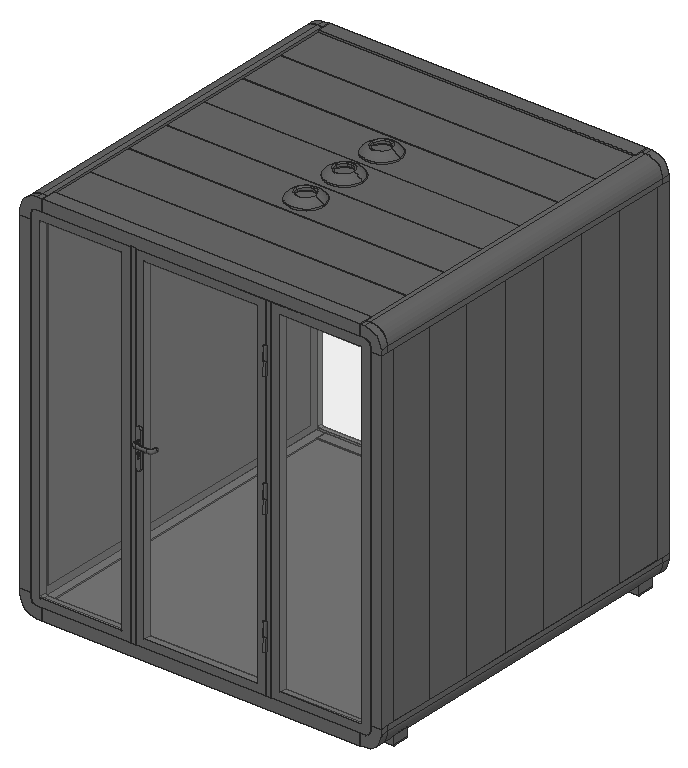
Revit family "Inbox Booths_X-Large Booth", category Furniture, Revit 2024 (continued)
Dimensions and locks
  equal spacing: plane 1 "Front", plane 4 "Center L/U", plane 3 "Center L/S"
  plane 3 "Center L/S" to plane 1 "Front" = 2186 mm
  "HEIGHT (DO NOT EDIT)": plane 7 to plane 6
  equal spacing: plane 7, plane 9, plane 6, locked at 1150 each
  equal spacing: plane 5, plane 10, plane 11
  "WIDTH (DO NOT EDIT)": plane 5 to plane 11
  aligned and locked: level to plane 2
  aligned and locked: Extrusion 5 sketch curve to Extrusion 5 sketch curve  (x2)
  aligned and locked: Extrusion 7 to Extrusion 4
  aligned and locked: Extrusion 7 to Extrusion 2
  aligned and locked: Extrusion 1 to Extrusion 3
  aligned and locked: Extrusion 15 sketch curve to Extrusion 14
  aligned and locked: Extrusion 9 to Extrusion 1
  aligned and locked: Extrusion 18 to Extrusion 9
  aligned and locked: Extrusion 17 to Extrusion 18
  aligned and locked: Extrusion 9 to Extrusion 17
  aligned and locked: Extrusion 4 to Extrusion 5 sketch curve  (x2)
  aligned and locked: Extrusion 3 to Extrusion 5
  aligned and locked: Extrusion 5 to plane 8
  aligned and locked: Extrusion 10 to Extrusion 5  (x2)
  aligned and locked: Extrusion 5 to Extrusion 7
  aligned and locked: Extrusion 7 to Extrusion 5
  aligned and locked: Extrusion 31 sketch curve to Extrusion 30
  aligned and locked: Extrusion 45 sketch curve to Extrusion 45 sketch curve  (x2)
  aligned and locked: Extrusion 44 to Extrusion 45 sketch curve  (x2)
  aligned and locked: Extrusion 57 to Extrusion 4
  aligned and locked: Extrusion 5 to Extrusion 64  (x2)
  aligned and locked: Extrusion 45 to Extrusion 65  (x2)
  aligned and locked: Extrusion 11 to Extrusion 5
  aligned and locked: Extrusion 7 to Extrusion 67
  aligned and locked: Extrusion 47 to Extrusion 69
  aligned and locked: Extrusion 64 to Extrusion 67
  aligned and locked: Extrusion 5 to Extrusion 68
  aligned and locked: Extrusion 74 to Extrusion 2
  aligned and locked: Extrusion 8 to Extrusion 78
  aligned and locked: Extrusion 78 to Extrusion 40
  aligned and locked: Extrusion 39 to Extrusion 40
  aligned and locked: Extrusion 18 to Extrusion 75
  aligned and locked: Extrusion 8 to Extrusion 59
  aligned and locked: Extrusion 40 to Extrusion 59
  aligned and locked: Extrusion 39 to Extrusion 59
  aligned and locked: Extrusion 18 to Extrusion 59
  aligned and locked: Extrusion 9 to Extrusion 59
  aligned and locked: Extrusion 79 to Extrusion 2  (x2)
  aligned and locked: Extrusion 65 to Extrusion 69
  aligned and locked: Extrusion 45 to Extrusion 70
  aligned and locked: Extrusion 83 to Extrusion 42
  aligned and locked: Extrusion 48 to Extrusion 87
  aligned and locked: Extrusion 87 to Extrusion 56
  aligned and locked: Extrusion 55 to Extrusion 56
  aligned and locked: Extrusion 52 to Extrusion 84
  aligned and locked: Extrusion 48 to Extrusion 62
  aligned and locked: Extrusion 56 to Extrusion 62
  aligned and locked: Extrusion 55 to Extrusion 62
  aligned and locked: Extrusion 52 to Extrusion 62
  aligned and locked: Extrusion 49 to Extrusion 62
  aligned and locked: Extrusion 88 to Extrusion 42  (x2)
  aligned and locked: Extrusion 68 to Extrusion 93
  aligned and locked: Extrusion 70 to Extrusion 94
  aligned and locked: Extrusion 19 to Extrusion 97
  aligned and locked: Extrusion 58 to Extrusion 99
  aligned and locked: Extrusion 17 to Extrusion 97
  aligned and locked: Extrusion 59 to Extrusion 99
  aligned and locked: Extrusion 53 to Extrusion 101
  aligned and locked: Extrusion 61 to Extrusion 103
  aligned and locked: Extrusion 51 to Extrusion 101
  aligned and locked: Extrusion 62 to Extrusion 103
  aligned and locked: Extrusion 109 sketch curve to Extrusion 109 sketch curve  (x2)
  aligned and locked: Extrusion 108 to Extrusion 109 sketch curve  (x2)
  aligned and locked: Extrusion 109 to Extrusion 127  (x2)
  aligned and locked: Extrusion 111 to Extrusion 129
  aligned and locked: Extrusion 127 to Extrusion 129
  aligned and locked: Extrusion 109 to Extrusion 130
  aligned and locked: Extrusion 134 to Extrusion 106
  aligned and locked: Extrusion 112 to Extrusion 138
  aligned and locked: Extrusion 138 to Extrusion 122
  aligned and locked: Extrusion 121 to Extrusion 122
  aligned and locked: Extrusion 118 to Extrusion 135
  aligned and locked: Extrusion 112 to Extrusion 125
  aligned and locked: Extrusion 122 to Extrusion 125
  aligned and locked: Extrusion 121 to Extrusion 125
  aligned and locked: Extrusion 118 to Extrusion 125
  aligned and locked: Extrusion 113 to Extrusion 125
  aligned and locked: Extrusion 139 to Extrusion 106  (x2)
  aligned and locked: Extrusion 130 to Extrusion 142
  aligned and locked: Extrusion 119 to Extrusion 144
  aligned and locked: Extrusion 124 to Extrusion 146
  aligned and locked: Extrusion 117 to Extrusion 144
  aligned and locked: Extrusion 125 to Extrusion 146
  aligned and locked: Extrusion 148 to Extrusion 4
  aligned and locked: Extrusion 4 to Extrusion 148
  aligned and locked: Extrusion 169 sketch curve to Extrusion 168
  aligned and locked: Extrusion 165 to Extrusion 166  (x2)
  aligned and locked: Extrusion 193 sketch curve to Extrusion 192
  aligned and locked: Extrusion 189 to Extrusion 190  (x2)
  aligned and locked: Extrusion 217 sketch curve to Extrusion 216
  aligned and locked: Extrusion 213 to Extrusion 214  (x2)
  aligned and locked: Extrusion 11 to Extrusion 7
  aligned and locked: Extrusion 10 to Extrusion 6
  aligned and locked: Extrusion 115 to Extrusion 111
  aligned and locked: Extrusion 114 to Extrusion 110
  aligned and locked: Extrusion 228 to Extrusion 227
  aligned and locked: Extrusion 78 to Extrusion 74
  aligned and locked: Extrusion 75 to Extrusion 20
  aligned and locked: Extrusion 237 to Extrusion 236
  aligned and locked: Extrusion 87 to Extrusion 83
  aligned and locked: Extrusion 84 to Extrusion 54
  aligned and locked: Extrusion 246 to Extrusion 245
  aligned and locked: Extrusion 138 to Extrusion 134
  aligned and locked: Extrusion 135 to Extrusion 120
  aligned and locked: Extrusion 229 to Extrusion 231
  aligned and locked: Extrusion 75 to Extrusion 12
  aligned and locked: Extrusion 78 to Extrusion 72
  aligned and locked: Extrusion 71 to Extrusion 74
  aligned and locked: Extrusion 226 to Extrusion 256
  aligned and locked: Extrusion 18 to Extrusion 226
  aligned and locked: Extrusion 255 to Extrusion 40
  aligned and locked: Extrusion 40 to Extrusion 253
  aligned and locked: Extrusion 231 to Extrusion 229
  aligned and locked: Extrusion 229 to Extrusion 60
  aligned and locked: Extrusion 20 to Extrusion 75
  aligned and locked: Extrusion 20 to Extrusion 60
  aligned and locked: Extrusion 76 to Extrusion 73
  aligned and locked: Extrusion 75 to Extrusion 76
  aligned and locked: Extrusion 73 to Extrusion 77
  aligned and locked: Extrusion 76 to Extrusion 77
  aligned and locked: Extrusion 74 to Extrusion 77
  aligned and locked: Extrusion 253 to Extrusion 74
  aligned and locked: Extrusion 73 to Extrusion 255  (x2)
  aligned and locked: Extrusion 256 to Extrusion 20
  aligned and locked: Extrusion 229 to Extrusion 257
  aligned and locked: Extrusion 12 to Extrusion 229
  aligned and locked: Extrusion 258 to Extrusion 229
  aligned and locked: Extrusion 238 to Extrusion 240
  aligned and locked: Extrusion 84 to Extrusion 50
  aligned and locked: Extrusion 87 to Extrusion 81
  aligned and locked: Extrusion 80 to Extrusion 83
  aligned and locked: Extrusion 235 to Extrusion 265
  aligned and locked: Extrusion 52 to Extrusion 235
  aligned and locked: Extrusion 264 to Extrusion 56
  aligned and locked: Extrusion 56 to Extrusion 262
  aligned and locked: Extrusion 240 to Extrusion 238
  aligned and locked: Extrusion 238 to Extrusion 63
  aligned and locked: Extrusion 54 to Extrusion 84
  aligned and locked: Extrusion 54 to Extrusion 63
  aligned and locked: Extrusion 85 to Extrusion 82
  aligned and locked: Extrusion 84 to Extrusion 85
  aligned and locked: Extrusion 82 to Extrusion 86
  aligned and locked: Extrusion 85 to Extrusion 86
  aligned and locked: Extrusion 83 to Extrusion 86
  aligned and locked: Extrusion 262 to Extrusion 83
  aligned and locked: Extrusion 82 to Extrusion 264  (x2)
  aligned and locked: Extrusion 265 to Extrusion 54
  aligned and locked: Extrusion 238 to Extrusion 266
  aligned and locked: Extrusion 50 to Extrusion 238
  aligned and locked: Extrusion 267 to Extrusion 238
  aligned and locked: Extrusion 247 to Extrusion 249
  aligned and locked: Extrusion 135 to Extrusion 116
  aligned and locked: Extrusion 138 to Extrusion 132
  aligned and locked: Extrusion 131 to Extrusion 134
  aligned and locked: Extrusion 244 to Extrusion 274
  aligned and locked: Extrusion 118 to Extrusion 244
  aligned and locked: Extrusion 273 to Extrusion 122
  aligned and locked: Extrusion 122 to Extrusion 271
  aligned and locked: Extrusion 249 to Extrusion 247
  aligned and locked: Extrusion 247 to Extrusion 126
  aligned and locked: Extrusion 120 to Extrusion 135
  aligned and locked: Extrusion 120 to Extrusion 126
  aligned and locked: Extrusion 136 to Extrusion 133
  aligned and locked: Extrusion 135 to Extrusion 136
  aligned and locked: Extrusion 133 to Extrusion 137
  aligned and locked: Extrusion 136 to Extrusion 137
  aligned and locked: Extrusion 134 to Extrusion 137
  aligned and locked: Extrusion 271 to Extrusion 134
  aligned and locked: Extrusion 133 to Extrusion 273  (x2)
  aligned and locked: Extrusion 274 to Extrusion 120
  aligned and locked: Extrusion 247 to Extrusion 275
  aligned and locked: Extrusion 116 to Extrusion 247
  aligned and locked: Extrusion 276 to Extrusion 247
  aligned and locked: Extrusion 281 sketch curve to Extrusion 280  (x4)
  aligned and locked: Extrusion 283 sketch curve to Extrusion 282  (x4)
  aligned and locked: Extrusion 285 sketch curve to Extrusion 284  (x4)
  aligned and locked: Extrusion 280 to Extrusion 11
Automatic sketch dimensions
  Extrusion 14 sketch curve to Extrusion 14 sketch curve = 0 mm  (x4)
  Extrusion 14 sketch curve to Extrusion 14 sketch curve = 12.789 mm
  Extrusion 14 sketch curve to Extrusion 14 sketch curve = 7.211 mm
  Extrusion 15 sketch curve to Extrusion 15 sketch curve = 6.772 mm
  Extrusion 15 sketch curve to Extrusion 15 sketch curve = 0.008 mm
  Sweep 16 sketch curve to Sweep 16 sketch curve = 0.5 mm
  Sweep 16 sketch curve to Sweep 16 sketch curve = 34 mm  (x2)
  Sweep 16 sketch curve to Sweep 16 sketch curve = 10.004 mm
  profile plane to Sweep 16 sketch curve = 16.111 mm
  Sweep 16 sketch curve to profile plane = 9.363 mm
  Sweep 16 sketch curve to Sweep 16 sketch curve = 2.326 mm
  Sweep 16 sketch curve to Sweep 16 sketch curve = 2.327 mm
  profile plane to Sweep 16 sketch curve = 0.897 mm
  Sweep 16 sketch curve to Sweep 16 sketch curve = 2.189 mm
  Sweep 16 sketch curve to Sweep 16 sketch curve = 2.198 mm
  Sweep 16 sketch curve to Sweep 16 sketch curve = 2.484 mm
  Sweep 16 sketch curve to Sweep 16 sketch curve = 6.089 mm
  profile plane to Sweep 16 sketch curve = 9.487 mm
  Sweep 16 sketch curve to Sweep 16 sketch curve = 8.573 mm
  Sweep 16 sketch curve to Sweep 16 sketch curve = 3.513 mm
  profile plane to Sweep 16 sketch curve = 0.101 mm
  Sweep 16 sketch curve to Sweep 16 sketch curve = 0 mm  (x3)
  Extrusion 13 sketch curve to Extrusion 13 sketch curve = 15 mm
  Extrusion 13 sketch curve to Extrusion 13 sketch curve = 210 mm
  Extrusion 14 sketch curve to Extrusion 14 sketch curve = 4.5 mm  (x2)
  Extrusion 15 sketch curve to Extrusion 15 sketch curve = 0 mm
  Sweep 16 sketch curve to Sweep 16 sketch curve = 66.5 mm
  Sweep 16 sketch curve to Sweep 16 sketch curve = 19.991 mm
  Extrusion 30 sketch curve to Extrusion 30 sketch curve = 0 mm  (x4)
  Extrusion 30 sketch curve to Extrusion 30 sketch curve = 12.789 mm
  Extrusion 30 sketch curve to Extrusion 30 sketch curve = 7.211 mm
  Extrusion 31 sketch curve to Extrusion 31 sketch curve = 6.772 mm
  Extrusion 31 sketch curve to Extrusion 31 sketch curve = 0.008 mm
  Sweep 32 sketch curve to Sweep 32 sketch curve = 0.5 mm
  Sweep 32 sketch curve to Sweep 32 sketch curve = 34 mm  (x2)
  Sweep 32 sketch curve to Sweep 32 sketch curve = 10.004 mm
  profile plane to Sweep 32 sketch curve = 16.111 mm
  Sweep 32 sketch curve to profile plane = 9.363 mm
  Sweep 32 sketch curve to Sweep 32 sketch curve = 2.326 mm
  Sweep 32 sketch curve to Sweep 32 sketch curve = 2.327 mm
  profile plane to Sweep 32 sketch curve = 0.897 mm
  Sweep 32 sketch curve to Sweep 32 sketch curve = 2.189 mm
  Sweep 32 sketch curve to Sweep 32 sketch curve = 2.198 mm
  Sweep 32 sketch curve to Sweep 32 sketch curve = 2.484 mm
  Sweep 32 sketch curve to Sweep 32 sketch curve = 6.089 mm
  profile plane to Sweep 32 sketch curve = 9.487 mm
  Sweep 32 sketch curve to Sweep 32 sketch curve = 8.573 mm
  Sweep 32 sketch curve to Sweep 32 sketch curve = 3.513 mm
  profile plane to Sweep 32 sketch curve = 0.101 mm
  Sweep 32 sketch curve to Sweep 32 sketch curve = 0 mm  (x3)
  Extrusion 29 sketch curve to Extrusion 29 sketch curve = 15 mm
  Extrusion 29 sketch curve to Extrusion 29 sketch curve = 210 mm
  Extrusion 30 sketch curve to Extrusion 30 sketch curve = 4.5 mm  (x2)
  Extrusion 31 sketch curve to Extrusion 31 sketch curve = 0 mm
  Sweep 32 sketch curve to Sweep 32 sketch curve = 66.5 mm
  Sweep 32 sketch curve to Sweep 32 sketch curve = 19.991 mm
  Extrusion 27 sketch curve to Extrusion 27 sketch curve = 50 mm  (x4)
  Extrusion 27 sketch curve to Extrusion 27 sketch curve = 694 mm
  Extrusion 27 sketch curve to Extrusion 27 sketch curve = 2066 mm
  Extrusion 28 sketch curve to Extrusion 28 sketch curve = 694 mm
  Extrusion 28 sketch curve to Extrusion 28 sketch curve = 2066 mm
  Extrusion 10 sketch curve to Extrusion 10 sketch curve = 1940 mm
  Extrusion 10 sketch curve to Extrusion 10 sketch curve = 2006 mm
  Extrusion 11 sketch curve to Extrusion 11 sketch curve = 1996.308 mm
  Extrusion 11 sketch curve to Extrusion 11 sketch curve = 1940 mm
  Extrusion 57 sketch curve to Extrusion 57 sketch curve = 1988 mm
  Extrusion 57 sketch curve to Extrusion 57 sketch curve = 2040 mm
  Extrusion 66 sketch curve to Extrusion 66 sketch curve = 1988 mm
  Extrusion 66 sketch curve to Extrusion 66 sketch curve = 2040 mm
  Extrusion 114 sketch curve to Extrusion 114 sketch curve = 1940 mm
  Extrusion 114 sketch curve to Extrusion 114 sketch curve = 2006 mm
  Extrusion 115 sketch curve to Extrusion 115 sketch curve = 1996.308 mm
  Extrusion 115 sketch curve to Extrusion 115 sketch curve = 1940 mm
  Extrusion 123 sketch curve to Extrusion 123 sketch curve = 1988 mm
  Extrusion 123 sketch curve to Extrusion 123 sketch curve = 2040 mm
  Extrusion 128 sketch curve to Extrusion 128 sketch curve = 1988 mm
  Extrusion 128 sketch curve to Extrusion 128 sketch curve = 2040 mm
  Extrusion 148 sketch curve to Extrusion 148 sketch curve = 13.515 mm
  Extrusion 149 sketch curve to Extrusion 149 sketch curve = 13.515 mm
  Extrusion 152 sketch curve to Extrusion 152 sketch curve = 13.515 mm
  Extrusion 153 sketch curve to Extrusion 153 sketch curve = 13.515 mm
  Extrusion 168 sketch curve to Extrusion 168 sketch curve = 0 mm  (x4)
  Extrusion 168 sketch curve to Extrusion 168 sketch curve = 12.789 mm
  Extrusion 168 sketch curve to Extrusion 168 sketch curve = 7.211 mm
  Extrusion 169 sketch curve to Extrusion 169 sketch curve = 6.772 mm
  Extrusion 169 sketch curve to Extrusion 169 sketch curve = 0.008 mm
  Sweep 170 sketch curve to Sweep 170 sketch curve = 0.5 mm
  Sweep 170 sketch curve to Sweep 170 sketch curve = 34 mm  (x2)
  Sweep 170 sketch curve to Sweep 170 sketch curve = 10.004 mm
  profile plane to Sweep 170 sketch curve = 16.111 mm
  Sweep 170 sketch curve to profile plane = 9.363 mm
  Sweep 170 sketch curve to Sweep 170 sketch curve = 2.326 mm
  Sweep 170 sketch curve to Sweep 170 sketch curve = 2.327 mm
  profile plane to Sweep 170 sketch curve = 0.897 mm
  Sweep 170 sketch curve to Sweep 170 sketch curve = 2.189 mm
  Sweep 170 sketch curve to Sweep 170 sketch curve = 2.198 mm
  Sweep 170 sketch curve to Sweep 170 sketch curve = 2.484 mm
  Sweep 170 sketch curve to Sweep 170 sketch curve = 6.089 mm
  profile plane to Sweep 170 sketch curve = 9.487 mm
  Sweep 170 sketch curve to Sweep 170 sketch curve = 8.573 mm
  Sweep 170 sketch curve to Sweep 170 sketch curve = 3.513 mm
  profile plane to Sweep 170 sketch curve = 0.101 mm
  Sweep 170 sketch curve to Sweep 170 sketch curve = 0 mm  (x3)
  Extrusion 167 sketch curve to Extrusion 167 sketch curve = 15 mm
  Extrusion 167 sketch curve to Extrusion 167 sketch curve = 210 mm
  Extrusion 168 sketch curve to Extrusion 168 sketch curve = 4.5 mm  (x2)
  Extrusion 169 sketch curve to Extrusion 169 sketch curve = 0 mm
  Sweep 170 sketch curve to Sweep 170 sketch curve = 66.5 mm
  Sweep 170 sketch curve to Sweep 170 sketch curve = 19.991 mm
  Extrusion 165 sketch curve to Extrusion 165 sketch curve = 50 mm  (x4)
  Extrusion 165 sketch curve to Extrusion 165 sketch curve = 694 mm
  Extrusion 165 sketch curve to Extrusion 165 sketch curve = 2066 mm
  Extrusion 166 sketch curve to Extrusion 166 sketch curve = 694 mm
  Extrusion 166 sketch curve to Extrusion 166 sketch curve = 2066 mm
  Extrusion 192 sketch curve to Extrusion 192 sketch curve = 0 mm  (x4)
  Extrusion 192 sketch curve to Extrusion 192 sketch curve = 12.789 mm
  Extrusion 192 sketch curve to Extrusion 192 sketch curve = 7.211 mm
  Extrusion 193 sketch curve to Extrusion 193 sketch curve = 6.772 mm
  Extrusion 193 sketch curve to Extrusion 193 sketch curve = 0.008 mm
  Sweep 194 sketch curve to Sweep 194 sketch curve = 0.5 mm
  Sweep 194 sketch curve to Sweep 194 sketch curve = 34 mm  (x2)
  Sweep 194 sketch curve to Sweep 194 sketch curve = 10.004 mm
  profile plane to Sweep 194 sketch curve = 16.111 mm
  Sweep 194 sketch curve to profile plane = 9.363 mm
  Sweep 194 sketch curve to Sweep 194 sketch curve = 2.326 mm
  Sweep 194 sketch curve to Sweep 194 sketch curve = 2.327 mm
  profile plane to Sweep 194 sketch curve = 0.897 mm
  Sweep 194 sketch curve to Sweep 194 sketch curve = 2.189 mm
  Sweep 194 sketch curve to Sweep 194 sketch curve = 2.198 mm
  Sweep 194 sketch curve to Sweep 194 sketch curve = 2.484 mm
  Sweep 194 sketch curve to Sweep 194 sketch curve = 6.089 mm
  profile plane to Sweep 194 sketch curve = 9.487 mm
  Sweep 194 sketch curve to Sweep 194 sketch curve = 8.573 mm
  Sweep 194 sketch curve to Sweep 194 sketch curve = 3.513 mm
  profile plane to Sweep 194 sketch curve = 0.101 mm
  Sweep 194 sketch curve to Sweep 194 sketch curve = 0 mm  (x3)
  Extrusion 191 sketch curve to Extrusion 191 sketch curve = 15 mm
  Extrusion 191 sketch curve to Extrusion 191 sketch curve = 210 mm
  Extrusion 192 sketch curve to Extrusion 192 sketch curve = 4.5 mm  (x2)
  Extrusion 193 sketch curve to Extrusion 193 sketch curve = 0 mm
  Sweep 194 sketch curve to Sweep 194 sketch curve = 66.5 mm
  Sweep 194 sketch curve to Sweep 194 sketch curve = 19.991 mm
  Extrusion 189 sketch curve to Extrusion 189 sketch curve = 50 mm  (x4)
  Extrusion 189 sketch curve to Extrusion 189 sketch curve = 694 mm
  Extrusion 189 sketch curve to Extrusion 189 sketch curve = 2066 mm
  Extrusion 190 sketch curve to Extrusion 190 sketch curve = 694 mm
  Extrusion 190 sketch curve to Extrusion 190 sketch curve = 2066 mm
  Extrusion 216 sketch curve to Extrusion 216 sketch curve = 0 mm  (x4)
  Extrusion 216 sketch curve to Extrusion 216 sketch curve = 12.789 mm
  Extrusion 216 sketch curve to Extrusion 216 sketch curve = 7.211 mm
  Extrusion 217 sketch curve to Extrusion 217 sketch curve = 6.772 mm
  Extrusion 217 sketch curve to Extrusion 217 sketch curve = 0.008 mm
  Sweep 218 sketch curve to Sweep 218 sketch curve = 0.5 mm
  Sweep 218 sketch curve to Sweep 218 sketch curve = 34 mm  (x2)
  Sweep 218 sketch curve to Sweep 218 sketch curve = 10.004 mm
  profile plane to Sweep 218 sketch curve = 16.111 mm
  Sweep 218 sketch curve to profile plane = 9.363 mm
  Sweep 218 sketch curve to Sweep 218 sketch curve = 2.326 mm
  Sweep 218 sketch curve to Sweep 218 sketch curve = 2.327 mm
  profile plane to Sweep 218 sketch curve = 0.897 mm
  Sweep 218 sketch curve to Sweep 218 sketch curve = 2.189 mm
  Sweep 218 sketch curve to Sweep 218 sketch curve = 2.198 mm
  Sweep 218 sketch curve to Sweep 218 sketch curve = 2.484 mm
  Sweep 218 sketch curve to Sweep 218 sketch curve = 6.089 mm
  profile plane to Sweep 218 sketch curve = 9.487 mm
  Sweep 218 sketch curve to Sweep 218 sketch curve = 8.573 mm
  Sweep 218 sketch curve to Sweep 218 sketch curve = 3.513 mm
  profile plane to Sweep 218 sketch curve = 0.101 mm
  Sweep 218 sketch curve to Sweep 218 sketch curve = 0 mm  (x3)
  Extrusion 215 sketch curve to Extrusion 215 sketch curve = 15 mm
  Extrusion 215 sketch curve to Extrusion 215 sketch curve = 210 mm
  Extrusion 216 sketch curve to Extrusion 216 sketch curve = 4.5 mm  (x2)
  Extrusion 217 sketch curve to Extrusion 217 sketch curve = 0 mm
  Sweep 218 sketch curve to Sweep 218 sketch curve = 66.5 mm
  Sweep 218 sketch curve to Sweep 218 sketch curve = 19.991 mm
  Extrusion 213 sketch curve to Extrusion 213 sketch curve = 50 mm  (x4)
  Extrusion 213 sketch curve to Extrusion 213 sketch curve = 694 mm
  Extrusion 213 sketch curve to Extrusion 213 sketch curve = 2066 mm
  Extrusion 214 sketch curve to Extrusion 214 sketch curve = 694 mm
  Extrusion 214 sketch curve to Extrusion 214 sketch curve = 2066 mm
  Extrusion 1 sketch curve to Extrusion 1 sketch curve = 1940 mm
  Extrusion 1 sketch curve to Extrusion 1 sketch curve = 67 mm
  Extrusion 4 sketch curve to Extrusion 4 sketch curve = 2116 mm
  Extrusion 4 sketch curve to Extrusion 4 sketch curve = 2146 mm
  Extrusion 6 sketch curve to Extrusion 6 sketch curve = 0 mm
  Extrusion 6 sketch curve to Extrusion 6 sketch curve = 1940 mm  (x2)
  Extrusion 6 sketch curve to Extrusion 6 sketch curve = 45 mm
  Extrusion 6 sketch curve to Extrusion 6 sketch curve = 2006 mm
  Extrusion 6 sketch curve to Extrusion 6 sketch curve = 65 mm
  Extrusion 12 sketch curve to Extrusion 12 sketch curve = 1940 mm
  Extrusion 12 sketch curve to Extrusion 12 sketch curve = 57 mm
  Extrusion 19 sketch curve to Extrusion 19 sketch curve = 67 mm
  Extrusion 19 sketch curve to Extrusion 19 sketch curve = 32 mm
  Extrusion 19 sketch curve to Extrusion 19 sketch curve = 1 mm
  Extrusion 19 sketch curve to Extrusion 19 sketch curve = 31 mm  (x2)
  Extrusion 19 sketch curve to Extrusion 19 sketch curve = 33 mm
  Extrusion 20 sketch curve to Extrusion 20 sketch curve = 1940 mm
  Extrusion 20 sketch curve to Extrusion 20 sketch curve = 57 mm
  Extrusion 58 sketch curve to Extrusion 58 sketch curve = 67 mm
  Extrusion 58 sketch curve to Extrusion 58 sketch curve = 32 mm
  Extrusion 58 sketch curve to Extrusion 58 sketch curve = 1 mm
  Extrusion 58 sketch curve to Extrusion 58 sketch curve = 31 mm  (x2)
  Extrusion 58 sketch curve to Extrusion 58 sketch curve = 30 mm
  Extrusion 67 sketch curve to Extrusion 67 sketch curve = 0 mm  (x8)
  Extrusion 67 sketch curve to Extrusion 67 sketch curve = 20 mm
  Extrusion 67 sketch curve to Extrusion 67 sketch curve = 12 mm  (x3)
  Extrusion 67 sketch curve to Extrusion 67 sketch curve = 2002 mm  (x2)
  Extrusion 67 sketch curve to Extrusion 67 sketch curve = 2102 mm
  Extrusion 68 sketch curve to Extrusion 68 sketch curve = 654 mm  (x2)
  Extrusion 68 sketch curve to Extrusion 68 sketch curve = 12 mm
  Extrusion 68 sketch curve to Extrusion 68 sketch curve = 2102 mm
  Extrusion 72 sketch curve to Extrusion 72 sketch curve = 1940 mm
  Extrusion 72 sketch curve to Extrusion 72 sketch curve = 57 mm
  Extrusion 73 sketch curve to Extrusion 73 sketch curve = 1940 mm
  Extrusion 73 sketch curve to Extrusion 73 sketch curve = 57 mm
  Extrusion 74 sketch curve to Extrusion 74 sketch curve = 1940 mm
  Extrusion 74 sketch curve to Extrusion 74 sketch curve = 57 mm
  Extrusion 79 sketch curve to Extrusion 79 sketch curve = 1940 mm
  Extrusion 79 sketch curve to Extrusion 79 sketch curve = 67 mm
  Extrusion 89 sketch curve to Extrusion 89 sketch curve = 4 mm  (x2)
  Extrusion 89 sketch curve to Extrusion 89 sketch curve = 90 mm
  Extrusion 89 sketch curve to Extrusion 89 sketch curve = 36.232 mm
  Extrusion 89 sketch curve to Extrusion 89 sketch curve = 43.589 mm
  Extrusion 89 sketch curve to Extrusion 89 sketch curve = 62.411 mm
  Extrusion 90 sketch curve to Extrusion 90 sketch curve = 4 mm  (x2)
  Extrusion 90 sketch curve to Extrusion 90 sketch curve = 90 mm
  Extrusion 90 sketch curve to Extrusion 90 sketch curve = 36.232 mm
  Extrusion 90 sketch curve to Extrusion 90 sketch curve = 6 mm
  Extrusion 90 sketch curve to Extrusion 90 sketch curve = 62.411 mm
  Extrusion 93 sketch curve to Extrusion 93 sketch curve = 693.885 mm
  Extrusion 93 sketch curve to Extrusion 93 sketch curve = 2126 mm
  Extrusion 95 sketch curve to Extrusion 95 sketch curve = 654 mm  (x2)
  Extrusion 95 sketch curve to Extrusion 95 sketch curve = 12 mm
  Extrusion 95 sketch curve to Extrusion 95 sketch curve = 2102 mm
  Extrusion 97 sketch curve to Extrusion 97 sketch curve = 67 mm
  Extrusion 97 sketch curve to Extrusion 97 sketch curve = 32 mm
  Extrusion 97 sketch curve to Extrusion 97 sketch curve = 1 mm
  Extrusion 97 sketch curve to Extrusion 97 sketch curve = 31 mm  (x2)
  Extrusion 97 sketch curve to Extrusion 97 sketch curve = 30 mm
  Extrusion 98 sketch curve to Extrusion 98 sketch curve = 67 mm
  Extrusion 98 sketch curve to Extrusion 98 sketch curve = 32 mm
  Extrusion 98 sketch curve to Extrusion 98 sketch curve = 1 mm
  Extrusion 98 sketch curve to Extrusion 98 sketch curve = 31 mm  (x2)
  Extrusion 98 sketch curve to Extrusion 98 sketch curve = 30 mm
  Extrusion 99 sketch curve to Extrusion 99 sketch curve = 67 mm
  Extrusion 99 sketch curve to Extrusion 99 sketch curve = 32 mm
  Extrusion 99 sketch curve to Extrusion 99 sketch curve = 1 mm
  Extrusion 99 sketch curve to Extrusion 99 sketch curve = 31 mm  (x2)
  Extrusion 99 sketch curve to Extrusion 99 sketch curve = 33 mm
  Extrusion 100 sketch curve to Extrusion 100 sketch curve = 67 mm
  Extrusion 100 sketch curve to Extrusion 100 sketch curve = 32 mm
  Extrusion 100 sketch curve to Extrusion 100 sketch curve = 1 mm
  Extrusion 100 sketch curve to Extrusion 100 sketch curve = 31 mm  (x2)
  Extrusion 100 sketch curve to Extrusion 100 sketch curve = 33 mm
  Extrusion 154 sketch curve to Extrusion 154 sketch curve = 67 mm
  Extrusion 154 sketch curve to Extrusion 154 sketch curve = 32 mm
  Extrusion 154 sketch curve to Extrusion 154 sketch curve = 1 mm
  Extrusion 154 sketch curve to Extrusion 154 sketch curve = 31 mm  (x2)
  Extrusion 154 sketch curve to Extrusion 154 sketch curve = 33 mm
  Extrusion 155 sketch curve to Extrusion 155 sketch curve = 67 mm
  Extrusion 155 sketch curve to Extrusion 155 sketch curve = 32 mm
  Extrusion 155 sketch curve to Extrusion 155 sketch curve = 1 mm
  Extrusion 155 sketch curve to Extrusion 155 sketch curve = 31 mm  (x2)
  Extrusion 155 sketch curve to Extrusion 155 sketch curve = 33 mm
  Extrusion 157 sketch curve to Extrusion 157 sketch curve = 67 mm
  Extrusion 157 sketch curve to Extrusion 157 sketch curve = 32 mm
  Extrusion 157 sketch curve to Extrusion 157 sketch curve = 1 mm
  Extrusion 157 sketch curve to Extrusion 157 sketch curve = 31 mm  (x2)
  Extrusion 157 sketch curve to Extrusion 157 sketch curve = 30 mm
  Extrusion 158 sketch curve to Extrusion 158 sketch curve = 67 mm
  Extrusion 158 sketch curve to Extrusion 158 sketch curve = 32 mm
  Extrusion 158 sketch curve to Extrusion 158 sketch curve = 1 mm
  Extrusion 158 sketch curve to Extrusion 158 sketch curve = 31 mm  (x2)
  Extrusion 158 sketch curve to Extrusion 158 sketch curve = 30 mm
  Extrusion 159 sketch curve to Extrusion 159 sketch curve = 32 mm  (x2)
  Extrusion 159 sketch curve to Extrusion 159 sketch curve = 18 mm
  Extrusion 159 sketch curve to Extrusion 159 sketch curve = 11.954 mm  (x2)
  Extrusion 159 sketch curve to Extrusion 159 sketch curve = 12 mm
  Extrusion 159 sketch curve to Extrusion 159 sketch curve = 1.046 mm
  Extrusion 159 sketch curve to Extrusion 159 sketch curve = 492 mm
  Extrusion 159 sketch curve to Extrusion 159 sketch curve = 50 mm  (x2)
  Extrusion 159 sketch curve to Extrusion 159 sketch curve = 2041 mm
  Extrusion 159 sketch curve to Extrusion 159 sketch curve = 30 mm
  Extrusion 160 sketch curve to Extrusion 160 sketch curve = 11.954 mm  (x2)
  Extrusion 160 sketch curve to Extrusion 160 sketch curve = 12 mm
  Extrusion 160 sketch curve to Extrusion 160 sketch curve = 1.046 mm
  Extrusion 160 sketch curve to Extrusion 160 sketch curve = 492 mm
  Extrusion 160 sketch curve to Extrusion 160 sketch curve = 2041 mm
  Extrusion 161 sketch curve to Extrusion 161 sketch curve = 45 mm
  Extrusion 161 sketch curve to Extrusion 161 sketch curve = 2166 mm
  Extrusion 162 sketch curve to Extrusion 162 sketch curve = 32 mm  (x2)
  Extrusion 162 sketch curve to Extrusion 162 sketch curve = 18 mm  (x3)
  Extrusion 162 sketch curve to Extrusion 162 sketch curve = 11.954 mm
  Extrusion 162 sketch curve to Extrusion 162 sketch curve = 12 mm
  Extrusion 162 sketch curve to Extrusion 162 sketch curve = 1.046 mm  (x2)
  Extrusion 162 sketch curve to Extrusion 162 sketch curve = 492 mm
  Extrusion 162 sketch curve to Extrusion 162 sketch curve = 50 mm
  Extrusion 162 sketch curve to Extrusion 162 sketch curve = 2041 mm
  Extrusion 163 sketch curve to Extrusion 163 sketch curve = 11.954 mm
  Extrusion 163 sketch curve to Extrusion 163 sketch curve = 12 mm
  Extrusion 163 sketch curve to Extrusion 163 sketch curve = 1.046 mm  (x2)
  Extrusion 163 sketch curve to Extrusion 163 sketch curve = 492 mm
  Extrusion 163 sketch curve to Extrusion 163 sketch curve = 2041 mm
  Extrusion 164 sketch curve to Extrusion 164 sketch curve = 45 mm
  Extrusion 164 sketch curve to Extrusion 164 sketch curve = 2166 mm
  Extrusion 177 sketch curve to Extrusion 177 sketch curve = 90 mm
  Extrusion 177 sketch curve to Extrusion 177 sketch curve = 2014.308 mm
  Extrusion 177 sketch curve to Extrusion 177 sketch curve = 81.692 mm
  Extrusion 177 sketch curve to Extrusion 177 sketch curve = 0 mm  (x2)
  Extrusion 177 sketch curve to Extrusion 177 sketch curve = 2040 mm
  Extrusion 226 sketch curve to Extrusion 226 sketch curve = 1940 mm
  Extrusion 226 sketch curve to Extrusion 226 sketch curve = 67 mm
  Extrusion 227 sketch curve to Extrusion 227 sketch curve = 1940 mm
  Extrusion 227 sketch curve to Extrusion 227 sketch curve = 67 mm
  Extrusion 228 sketch curve to Extrusion 228 sketch curve = 1940 mm
  Extrusion 228 sketch curve to Extrusion 228 sketch curve = 67 mm
  Extrusion 229 sketch curve to Extrusion 229 sketch curve = 1940 mm
  Extrusion 229 sketch curve to Extrusion 229 sketch curve = 57 mm
  Extrusion 230 sketch curve to Extrusion 230 sketch curve = 1940 mm
  Extrusion 230 sketch curve to Extrusion 230 sketch curve = 57 mm
  Extrusion 156 sketch curve to Extrusion 156 sketch curve = 90 mm
  Extrusion 156 sketch curve to Extrusion 156 sketch curve = 2014.308 mm
  Extrusion 156 sketch curve to Extrusion 156 sketch curve = 81.692 mm
  Extrusion 156 sketch curve to Extrusion 156 sketch curve = 0 mm  (x2)
  Extrusion 156 sketch curve to Extrusion 156 sketch curve = 2040 mm
  Extrusion 233 sketch curve to Extrusion 233 sketch curve = 4 mm  (x2)
  Extrusion 233 sketch curve to Extrusion 233 sketch curve = 90 mm
  Extrusion 233 sketch curve to Extrusion 233 sketch curve = 36.232 mm
  Extrusion 233 sketch curve to Extrusion 233 sketch curve = 6 mm
  Extrusion 233 sketch curve to Extrusion 233 sketch curve = 62.411 mm
  Extrusion 234 sketch curve to Extrusion 234 sketch curve = 4 mm  (x2)
  Extrusion 234 sketch curve to Extrusion 234 sketch curve = 90 mm
  Extrusion 234 sketch curve to Extrusion 234 sketch curve = 36.232 mm
  Extrusion 234 sketch curve to Extrusion 234 sketch curve = 43.589 mm
  Extrusion 234 sketch curve to Extrusion 234 sketch curve = 62.411 mm
  Extrusion 41 sketch curve to Extrusion 41 sketch curve = 1940 mm
  Extrusion 41 sketch curve to Extrusion 41 sketch curve = 67 mm
  Extrusion 44 sketch curve to Extrusion 44 sketch curve = 2116 mm
  Extrusion 44 sketch curve to Extrusion 44 sketch curve = 2146 mm
  Extrusion 46 sketch curve to Extrusion 46 sketch curve = 0 mm
  Extrusion 46 sketch curve to Extrusion 46 sketch curve = 1940 mm  (x2)
  Extrusion 46 sketch curve to Extrusion 46 sketch curve = 45 mm
  Extrusion 46 sketch curve to Extrusion 46 sketch curve = 2006 mm
  Extrusion 46 sketch curve to Extrusion 46 sketch curve = 65 mm
  Extrusion 50 sketch curve to Extrusion 50 sketch curve = 1940 mm
  Extrusion 50 sketch curve to Extrusion 50 sketch curve = 57 mm
  Extrusion 53 sketch curve to Extrusion 53 sketch curve = 67 mm
  Extrusion 53 sketch curve to Extrusion 53 sketch curve = 32 mm
  Extrusion 53 sketch curve to Extrusion 53 sketch curve = 1 mm
  Extrusion 53 sketch curve to Extrusion 53 sketch curve = 31 mm  (x2)
  Extrusion 53 sketch curve to Extrusion 53 sketch curve = 33 mm
  Extrusion 54 sketch curve to Extrusion 54 sketch curve = 1940 mm
  Extrusion 54 sketch curve to Extrusion 54 sketch curve = 57 mm
  Extrusion 61 sketch curve to Extrusion 61 sketch curve = 67 mm
  Extrusion 61 sketch curve to Extrusion 61 sketch curve = 32 mm
  Extrusion 61 sketch curve to Extrusion 61 sketch curve = 1 mm
  Extrusion 61 sketch curve to Extrusion 61 sketch curve = 31 mm  (x2)
  Extrusion 61 sketch curve to Extrusion 61 sketch curve = 30 mm
  Extrusion 69 sketch curve to Extrusion 69 sketch curve = 0 mm  (x8)
  Extrusion 69 sketch curve to Extrusion 69 sketch curve = 20 mm
  Extrusion 69 sketch curve to Extrusion 69 sketch curve = 12 mm  (x3)
  Extrusion 69 sketch curve to Extrusion 69 sketch curve = 2002 mm  (x2)
  Extrusion 69 sketch curve to Extrusion 69 sketch curve = 2102 mm
  Extrusion 70 sketch curve to Extrusion 70 sketch curve = 654 mm  (x2)
  Extrusion 70 sketch curve to Extrusion 70 sketch curve = 12 mm
  Extrusion 70 sketch curve to Extrusion 70 sketch curve = 2102 mm
  Extrusion 81 sketch curve to Extrusion 81 sketch curve = 1940 mm
  Extrusion 81 sketch curve to Extrusion 81 sketch curve = 57 mm
  Extrusion 82 sketch curve to Extrusion 82 sketch curve = 1940 mm
  Extrusion 82 sketch curve to Extrusion 82 sketch curve = 57 mm
  Extrusion 83 sketch curve to Extrusion 83 sketch curve = 1940 mm
  Extrusion 83 sketch curve to Extrusion 83 sketch curve = 57 mm
  Extrusion 88 sketch curve to Extrusion 88 sketch curve = 1940 mm
  Extrusion 88 sketch curve to Extrusion 88 sketch curve = 67 mm
  Extrusion 91 sketch curve to Extrusion 91 sketch curve = 4 mm  (x2)
  Extrusion 91 sketch curve to Extrusion 91 sketch curve = 90 mm
  Extrusion 91 sketch curve to Extrusion 91 sketch curve = 36.232 mm
  Extrusion 91 sketch curve to Extrusion 91 sketch curve = 43.589 mm
  Extrusion 91 sketch curve to Extrusion 91 sketch curve = 62.411 mm
  Extrusion 92 sketch curve to Extrusion 92 sketch curve = 4 mm  (x2)
  Extrusion 92 sketch curve to Extrusion 92 sketch curve = 90 mm
  Extrusion 92 sketch curve to Extrusion 92 sketch curve = 36.232 mm
  Extrusion 92 sketch curve to Extrusion 92 sketch curve = 6 mm
  Extrusion 92 sketch curve to Extrusion 92 sketch curve = 62.411 mm
  Extrusion 94 sketch curve to Extrusion 94 sketch curve = 693.885 mm
  Extrusion 94 sketch curve to Extrusion 94 sketch curve = 2126 mm
  Extrusion 96 sketch curve to Extrusion 96 sketch curve = 654 mm  (x2)
  Extrusion 96 sketch curve to Extrusion 96 sketch curve = 12 mm
  Extrusion 96 sketch curve to Extrusion 96 sketch curve = 2102 mm
  Extrusion 101 sketch curve to Extrusion 101 sketch curve = 67 mm
  Extrusion 101 sketch curve to Extrusion 101 sketch curve = 32 mm
  Extrusion 101 sketch curve to Extrusion 101 sketch curve = 1 mm
  Extrusion 101 sketch curve to Extrusion 101 sketch curve = 31 mm  (x2)
  Extrusion 101 sketch curve to Extrusion 101 sketch curve = 30 mm
  Extrusion 102 sketch curve to Extrusion 102 sketch curve = 67 mm
  Extrusion 102 sketch curve to Extrusion 102 sketch curve = 32 mm
  Extrusion 102 sketch curve to Extrusion 102 sketch curve = 1 mm
  Extrusion 102 sketch curve to Extrusion 102 sketch curve = 31 mm  (x2)
  Extrusion 102 sketch curve to Extrusion 102 sketch curve = 30 mm
  Extrusion 103 sketch curve to Extrusion 103 sketch curve = 67 mm
  Extrusion 103 sketch curve to Extrusion 103 sketch curve = 32 mm
  Extrusion 103 sketch curve to Extrusion 103 sketch curve = 1 mm
  Extrusion 103 sketch curve to Extrusion 103 sketch curve = 31 mm  (x2)
  Extrusion 103 sketch curve to Extrusion 103 sketch curve = 33 mm
  Extrusion 104 sketch curve to Extrusion 104 sketch curve = 67 mm
  Extrusion 104 sketch curve to Extrusion 104 sketch curve = 32 mm
  Extrusion 104 sketch curve to Extrusion 104 sketch curve = 1 mm
  Extrusion 104 sketch curve to Extrusion 104 sketch curve = 31 mm  (x2)
  Extrusion 104 sketch curve to Extrusion 104 sketch curve = 33 mm
  Extrusion 178 sketch curve to Extrusion 178 sketch curve = 67 mm
  Extrusion 178 sketch curve to Extrusion 178 sketch curve = 32 mm
  Extrusion 178 sketch curve to Extrusion 178 sketch curve = 1 mm
  Extrusion 178 sketch curve to Extrusion 178 sketch curve = 31 mm  (x2)
  Extrusion 178 sketch curve to Extrusion 178 sketch curve = 33 mm
  Extrusion 179 sketch curve to Extrusion 179 sketch curve = 67 mm
  Extrusion 179 sketch curve to Extrusion 179 sketch curve = 32 mm
  Extrusion 179 sketch curve to Extrusion 179 sketch curve = 1 mm
  Extrusion 179 sketch curve to Extrusion 179 sketch curve = 31 mm  (x2)
  Extrusion 179 sketch curve to Extrusion 179 sketch curve = 33 mm
  Extrusion 181 sketch curve to Extrusion 181 sketch curve = 67 mm
  Extrusion 181 sketch curve to Extrusion 181 sketch curve = 32 mm
  Extrusion 181 sketch curve to Extrusion 181 sketch curve = 1 mm
  Extrusion 181 sketch curve to Extrusion 181 sketch curve = 31 mm  (x2)
  Extrusion 181 sketch curve to Extrusion 181 sketch curve = 30 mm
  Extrusion 182 sketch curve to Extrusion 182 sketch curve = 67 mm
  Extrusion 182 sketch curve to Extrusion 182 sketch curve = 32 mm
  Extrusion 182 sketch curve to Extrusion 182 sketch curve = 1 mm
  Extrusion 182 sketch curve to Extrusion 182 sketch curve = 31 mm  (x2)
  Extrusion 182 sketch curve to Extrusion 182 sketch curve = 30 mm
  Extrusion 183 sketch curve to Extrusion 183 sketch curve = 32 mm  (x2)
  Extrusion 183 sketch curve to Extrusion 183 sketch curve = 18 mm
  Extrusion 183 sketch curve to Extrusion 183 sketch curve = 11.954 mm  (x2)
  Extrusion 183 sketch curve to Extrusion 183 sketch curve = 12 mm
  Extrusion 183 sketch curve to Extrusion 183 sketch curve = 1.046 mm
  Extrusion 183 sketch curve to Extrusion 183 sketch curve = 492 mm
  Extrusion 183 sketch curve to Extrusion 183 sketch curve = 50 mm  (x2)
  Extrusion 183 sketch curve to Extrusion 183 sketch curve = 2041 mm
  Extrusion 183 sketch curve to Extrusion 183 sketch curve = 30 mm
  Extrusion 184 sketch curve to Extrusion 184 sketch curve = 11.954 mm  (x2)
  Extrusion 184 sketch curve to Extrusion 184 sketch curve = 12 mm
  Extrusion 184 sketch curve to Extrusion 184 sketch curve = 1.046 mm
  Extrusion 184 sketch curve to Extrusion 184 sketch curve = 492 mm
  Extrusion 184 sketch curve to Extrusion 184 sketch curve = 2041 mm
  Extrusion 185 sketch curve to Extrusion 185 sketch curve = 45 mm
  Extrusion 185 sketch curve to Extrusion 185 sketch curve = 2166 mm
  Extrusion 186 sketch curve to Extrusion 186 sketch curve = 32 mm  (x2)
  Extrusion 186 sketch curve to Extrusion 186 sketch curve = 18 mm  (x3)
  Extrusion 186 sketch curve to Extrusion 186 sketch curve = 11.954 mm
  Extrusion 186 sketch curve to Extrusion 186 sketch curve = 12 mm
  Extrusion 186 sketch curve to Extrusion 186 sketch curve = 1.046 mm  (x2)
  Extrusion 186 sketch curve to Extrusion 186 sketch curve = 492 mm
  Extrusion 186 sketch curve to Extrusion 186 sketch curve = 50 mm
  Extrusion 186 sketch curve to Extrusion 186 sketch curve = 2041 mm
  Extrusion 187 sketch curve to Extrusion 187 sketch curve = 11.954 mm
  Extrusion 187 sketch curve to Extrusion 187 sketch curve = 12 mm
  Extrusion 187 sketch curve to Extrusion 187 sketch curve = 1.046 mm  (x2)
  Extrusion 187 sketch curve to Extrusion 187 sketch curve = 492 mm
  Extrusion 187 sketch curve to Extrusion 187 sketch curve = 2041 mm
  Extrusion 188 sketch curve to Extrusion 188 sketch curve = 45 mm
  Extrusion 188 sketch curve to Extrusion 188 sketch curve = 2166 mm
  Extrusion 201 sketch curve to Extrusion 201 sketch curve = 90 mm
  Extrusion 201 sketch curve to Extrusion 201 sketch curve = 2014.308 mm
  Extrusion 201 sketch curve to Extrusion 201 sketch curve = 81.692 mm
  Extrusion 201 sketch curve to Extrusion 201 sketch curve = 0 mm  (x2)
  Extrusion 201 sketch curve to Extrusion 201 sketch curve = 2040 mm
  Extrusion 180 sketch curve to Extrusion 180 sketch curve = 90 mm
  Extrusion 180 sketch curve to Extrusion 180 sketch curve = 2014.308 mm
  Extrusion 180 sketch curve to Extrusion 180 sketch curve = 81.692 mm
  Extrusion 180 sketch curve to Extrusion 180 sketch curve = 0 mm  (x2)
  Extrusion 180 sketch curve to Extrusion 180 sketch curve = 2040 mm
  Extrusion 105 sketch curve to Extrusion 105 sketch curve = 1940 mm
  Extrusion 105 sketch curve to Extrusion 105 sketch curve = 67 mm
  Extrusion 108 sketch curve to Extrusion 108 sketch curve = 2116 mm
  Extrusion 108 sketch curve to Extrusion 108 sketch curve = 2146 mm
  Extrusion 110 sketch curve to Extrusion 110 sketch curve = 0 mm
  Extrusion 110 sketch curve to Extrusion 110 sketch curve = 1940 mm  (x2)
  Extrusion 110 sketch curve to Extrusion 110 sketch curve = 45 mm
  Extrusion 110 sketch curve to Extrusion 110 sketch curve = 2006 mm
  Extrusion 110 sketch curve to Extrusion 110 sketch curve = 65 mm
  Extrusion 116 sketch curve to Extrusion 116 sketch curve = 1940 mm
  Extrusion 116 sketch curve to Extrusion 116 sketch curve = 57 mm
  Extrusion 119 sketch curve to Extrusion 119 sketch curve = 67 mm
  Extrusion 119 sketch curve to Extrusion 119 sketch curve = 32 mm
  Extrusion 119 sketch curve to Extrusion 119 sketch curve = 1 mm
  Extrusion 119 sketch curve to Extrusion 119 sketch curve = 31 mm  (x2)
  Extrusion 119 sketch curve to Extrusion 119 sketch curve = 33 mm
  Extrusion 120 sketch curve to Extrusion 120 sketch curve = 1940 mm
  Extrusion 120 sketch curve to Extrusion 120 sketch curve = 57 mm
  Extrusion 124 sketch curve to Extrusion 124 sketch curve = 67 mm
  Extrusion 124 sketch curve to Extrusion 124 sketch curve = 32 mm
  Extrusion 124 sketch curve to Extrusion 124 sketch curve = 1 mm
  Extrusion 124 sketch curve to Extrusion 124 sketch curve = 31 mm  (x2)
  Extrusion 124 sketch curve to Extrusion 124 sketch curve = 30 mm
  Extrusion 129 sketch curve to Extrusion 129 sketch curve = 0 mm  (x8)
  Extrusion 129 sketch curve to Extrusion 129 sketch curve = 20 mm
  Extrusion 129 sketch curve to Extrusion 129 sketch curve = 12 mm  (x3)
  Extrusion 129 sketch curve to Extrusion 129 sketch curve = 2002 mm  (x2)
  Extrusion 129 sketch curve to Extrusion 129 sketch curve = 2102 mm
  Extrusion 130 sketch curve to Extrusion 130 sketch curve = 654 mm  (x2)
  Extrusion 130 sketch curve to Extrusion 130 sketch curve = 12 mm
  Extrusion 130 sketch curve to Extrusion 130 sketch curve = 2102 mm
  Extrusion 132 sketch curve to Extrusion 132 sketch curve = 1940 mm
  Extrusion 132 sketch curve to Extrusion 132 sketch curve = 57 mm
  Extrusion 133 sketch curve to Extrusion 133 sketch curve = 1940 mm
  Extrusion 133 sketch curve to Extrusion 133 sketch curve = 57 mm
  Extrusion 134 sketch curve to Extrusion 134 sketch curve = 1940 mm
  Extrusion 134 sketch curve to Extrusion 134 sketch curve = 57 mm
  Extrusion 139 sketch curve to Extrusion 139 sketch curve = 1940 mm
  Extrusion 139 sketch curve to Extrusion 139 sketch curve = 67 mm
  Extrusion 140 sketch curve to Extrusion 140 sketch curve = 4 mm  (x2)
  Extrusion 140 sketch curve to Extrusion 140 sketch curve = 90 mm
  Extrusion 140 sketch curve to Extrusion 140 sketch curve = 36.232 mm
  Extrusion 140 sketch curve to Extrusion 140 sketch curve = 43.589 mm
  Extrusion 140 sketch curve to Extrusion 140 sketch curve = 62.411 mm
  Extrusion 141 sketch curve to Extrusion 141 sketch curve = 4 mm  (x2)
  Extrusion 141 sketch curve to Extrusion 141 sketch curve = 90 mm
  Extrusion 141 sketch curve to Extrusion 141 sketch curve = 36.232 mm
  Extrusion 141 sketch curve to Extrusion 141 sketch curve = 6 mm
  Extrusion 141 sketch curve to Extrusion 141 sketch curve = 62.411 mm
  Extrusion 142 sketch curve to Extrusion 142 sketch curve = 693.885 mm
  Extrusion 142 sketch curve to Extrusion 142 sketch curve = 2126 mm
  Extrusion 143 sketch curve to Extrusion 143 sketch curve = 654 mm  (x2)
  Extrusion 143 sketch curve to Extrusion 143 sketch curve = 12 mm
  Extrusion 143 sketch curve to Extrusion 143 sketch curve = 2102 mm
  Extrusion 144 sketch curve to Extrusion 144 sketch curve = 67 mm
  Extrusion 144 sketch curve to Extrusion 144 sketch curve = 32 mm
  Extrusion 144 sketch curve to Extrusion 144 sketch curve = 1 mm
  Extrusion 144 sketch curve to Extrusion 144 sketch curve = 31 mm  (x2)
  Extrusion 144 sketch curve to Extrusion 144 sketch curve = 30 mm
  Extrusion 145 sketch curve to Extrusion 145 sketch curve = 67 mm
  Extrusion 145 sketch curve to Extrusion 145 sketch curve = 32 mm
  Extrusion 145 sketch curve to Extrusion 145 sketch curve = 1 mm
  Extrusion 145 sketch curve to Extrusion 145 sketch curve = 31 mm  (x2)
  Extrusion 145 sketch curve to Extrusion 145 sketch curve = 30 mm
  Extrusion 146 sketch curve to Extrusion 146 sketch curve = 67 mm
  Extrusion 146 sketch curve to Extrusion 146 sketch curve = 32 mm
  Extrusion 146 sketch curve to Extrusion 146 sketch curve = 1 mm
  Extrusion 146 sketch curve to Extrusion 146 sketch curve = 31 mm  (x2)
  Extrusion 146 sketch curve to Extrusion 146 sketch curve = 33 mm
  Extrusion 147 sketch curve to Extrusion 147 sketch curve = 67 mm
  Extrusion 147 sketch curve to Extrusion 147 sketch curve = 32 mm
  Extrusion 147 sketch curve to Extrusion 147 sketch curve = 1 mm
  Extrusion 147 sketch curve to Extrusion 147 sketch curve = 31 mm  (x2)
  Extrusion 147 sketch curve to Extrusion 147 sketch curve = 33 mm
  Extrusion 202 sketch curve to Extrusion 202 sketch curve = 67 mm
  Extrusion 202 sketch curve to Extrusion 202 sketch curve = 32 mm
  Extrusion 202 sketch curve to Extrusion 202 sketch curve = 1 mm
  Extrusion 202 sketch curve to Extrusion 202 sketch curve = 31 mm  (x2)
  Extrusion 202 sketch curve to Extrusion 202 sketch curve = 33 mm
  Extrusion 203 sketch curve to Extrusion 203 sketch curve = 67 mm
  Extrusion 203 sketch curve to Extrusion 203 sketch curve = 32 mm
  Extrusion 203 sketch curve to Extrusion 203 sketch curve = 1 mm
  Extrusion 203 sketch curve to Extrusion 203 sketch curve = 31 mm  (x2)
  Extrusion 203 sketch curve to Extrusion 203 sketch curve = 33 mm
  Extrusion 205 sketch curve to Extrusion 205 sketch curve = 67 mm
  Extrusion 205 sketch curve to Extrusion 205 sketch curve = 32 mm
  Extrusion 205 sketch curve to Extrusion 205 sketch curve = 1 mm
  Extrusion 205 sketch curve to Extrusion 205 sketch curve = 31 mm  (x2)
  Extrusion 205 sketch curve to Extrusion 205 sketch curve = 30 mm
  Extrusion 206 sketch curve to Extrusion 206 sketch curve = 67 mm
  Extrusion 206 sketch curve to Extrusion 206 sketch curve = 32 mm
  Extrusion 206 sketch curve to Extrusion 206 sketch curve = 1 mm
  Extrusion 206 sketch curve to Extrusion 206 sketch curve = 31 mm  (x2)
  Extrusion 206 sketch curve to Extrusion 206 sketch curve = 30 mm
  Extrusion 207 sketch curve to Extrusion 207 sketch curve = 32 mm  (x2)
  Extrusion 207 sketch curve to Extrusion 207 sketch curve = 18 mm
  Extrusion 207 sketch curve to Extrusion 207 sketch curve = 11.954 mm  (x2)
  Extrusion 207 sketch curve to Extrusion 207 sketch curve = 12 mm
  Extrusion 207 sketch curve to Extrusion 207 sketch curve = 1.046 mm
  Extrusion 207 sketch curve to Extrusion 207 sketch curve = 492 mm
  Extrusion 207 sketch curve to Extrusion 207 sketch curve = 50 mm  (x2)
  Extrusion 207 sketch curve to Extrusion 207 sketch curve = 2041 mm
  Extrusion 207 sketch curve to Extrusion 207 sketch curve = 30 mm
  Extrusion 208 sketch curve to Extrusion 208 sketch curve = 11.954 mm  (x2)
  Extrusion 208 sketch curve to Extrusion 208 sketch curve = 12 mm
  Extrusion 208 sketch curve to Extrusion 208 sketch curve = 1.046 mm
  Extrusion 208 sketch curve to Extrusion 208 sketch curve = 492 mm
  Extrusion 208 sketch curve to Extrusion 208 sketch curve = 2041 mm
  Extrusion 209 sketch curve to Extrusion 209 sketch curve = 45 mm
  Extrusion 209 sketch curve to Extrusion 209 sketch curve = 2166 mm
  Extrusion 210 sketch curve to Extrusion 210 sketch curve = 32 mm  (x2)
  Extrusion 210 sketch curve to Extrusion 210 sketch curve = 18 mm  (x3)
  Extrusion 210 sketch curve to Extrusion 210 sketch curve = 11.954 mm
  Extrusion 210 sketch curve to Extrusion 210 sketch curve = 12 mm
  Extrusion 210 sketch curve to Extrusion 210 sketch curve = 1.046 mm  (x2)
  Extrusion 210 sketch curve to Extrusion 210 sketch curve = 492 mm
  Extrusion 210 sketch curve to Extrusion 210 sketch curve = 50 mm
  Extrusion 210 sketch curve to Extrusion 210 sketch curve = 2041 mm
  Extrusion 211 sketch curve to Extrusion 211 sketch curve = 11.954 mm
  Extrusion 211 sketch curve to Extrusion 211 sketch curve = 12 mm
  Extrusion 211 sketch curve to Extrusion 211 sketch curve = 1.046 mm  (x2)
  Extrusion 211 sketch curve to Extrusion 211 sketch curve = 492 mm
  Extrusion 211 sketch curve to Extrusion 211 sketch curve = 2041 mm
  Extrusion 212 sketch curve to Extrusion 212 sketch curve = 45 mm
  Extrusion 212 sketch curve to Extrusion 212 sketch curve = 2166 mm
  Extrusion 225 sketch curve to Extrusion 225 sketch curve = 90 mm
  Extrusion 225 sketch curve to Extrusion 225 sketch curve = 2014.308 mm
  Extrusion 225 sketch curve to Extrusion 225 sketch curve = 81.692 mm
  Extrusion 225 sketch curve to Extrusion 225 sketch curve = 0 mm  (x2)
  Extrusion 225 sketch curve to Extrusion 225 sketch curve = 2040 mm
  Extrusion 204 sketch curve to Extrusion 204 sketch curve = 90 mm
  Extrusion 204 sketch curve to Extrusion 204 sketch curve = 2014.308 mm
  Extrusion 204 sketch curve to Extrusion 204 sketch curve = 81.692 mm
  Extrusion 204 sketch curve to Extrusion 204 sketch curve = 0 mm  (x2)
  Extrusion 204 sketch curve to Extrusion 204 sketch curve = 2040 mm
  Extrusion 254 sketch curve to Extrusion 254 sketch curve = 289.508 mm
  Extrusion 254 sketch curve to Extrusion 254 sketch curve = 2040 mm
  Extrusion 232 sketch curve to Extrusion 232 sketch curve = 277.258 mm
  Extrusion 232 sketch curve to Extrusion 232 sketch curve = 2040 mm
  Sweep 259 sketch curve to profile plane = 0 mm
  profile plane to Sweep 259 sketch curve = 8.894 mm
  Sweep 259 sketch curve to profile plane = 12.021 mm
  Sweep 259 sketch curve to profile plane = 1.808 mm
  Sweep 259 sketch curve to profile plane = 13.991 mm
  Sweep 259 sketch curve to Sweep 259 sketch curve = 7.979 mm
  Sweep 259 sketch curve to Sweep 259 sketch curve = 11.956 mm
  Sweep 259 sketch curve to Sweep 259 sketch curve = 26.751 mm
  profile plane to Sweep 259 sketch curve = 0.653 mm
  Sweep 259 sketch curve to Sweep 259 sketch curve = 23.273 mm
  Sweep 259 sketch curve to Sweep 259 sketch curve = 5.949 mm
  Sweep 259 sketch curve to profile plane = 50.627 mm
  Sweep 259 sketch curve to Sweep 259 sketch curve = 10 mm
  Sweep 259 sketch curve to Sweep 259 sketch curve = 6.925 mm
  Sweep 260 sketch curve to profile plane = 0 mm
  profile plane to Sweep 260 sketch curve = 69.964 mm
  profile plane to Sweep 260 sketch curve = 0.653 mm
  Sweep 260 sketch curve to Sweep 260 sketch curve = 5.949 mm
  Sweep 260 sketch curve to Sweep 260 sketch curve = 23.273 mm
  profile plane to Sweep 260 sketch curve = 23.977 mm
  Sweep 260 sketch curve to Sweep 260 sketch curve = 3.977 mm
  Sweep 260 sketch curve to profile plane = 1.808 mm
  profile plane to Sweep 260 sketch curve = 13.991 mm
  Sweep 260 sketch curve to Sweep 260 sketch curve = 11.956 mm
  Sweep 260 sketch curve to profile plane = 8.894 mm
  Sweep 260 sketch curve to profile plane = 50.627 mm
  Sweep 260 sketch curve to Sweep 260 sketch curve = 10 mm
  Sweep 260 sketch curve to Sweep 260 sketch curve = 6.925 mm
  Extrusion 2 sketch curve to Extrusion 2 sketch curve = 1940 mm
  Extrusion 2 sketch curve to Extrusion 2 sketch curve = 67 mm
  Extrusion 3 sketch curve to Extrusion 3 sketch curve = 1940 mm
  Extrusion 3 sketch curve to Extrusion 3 sketch curve = 67 mm
  Extrusion 5 sketch curve to Extrusion 5 sketch curve = 63 mm  (x2)
  Extrusion 5 sketch curve to Extrusion 5 sketch curve = 1940 mm  (x2)
  Extrusion 5 sketch curve to Extrusion 5 sketch curve = 53 mm  (x2)
  Extrusion 5 sketch curve to Extrusion 5 sketch curve = 0 mm
  Extrusion 5 sketch curve to Extrusion 5 sketch curve = 10 mm  (x3)
  Extrusion 5 sketch curve to Extrusion 5 sketch curve = 2146 mm
  Extrusion 7 sketch curve to Extrusion 7 sketch curve = 0 mm
  Extrusion 7 sketch curve to Extrusion 7 sketch curve = 1940 mm  (x2)
  Extrusion 7 sketch curve to Extrusion 7 sketch curve = 63 mm
  Extrusion 7 sketch curve to Extrusion 7 sketch curve = 1988 mm
  Extrusion 7 sketch curve to Extrusion 7 sketch curve = 65 mm
  Extrusion 8 sketch curve to Extrusion 8 sketch curve = 1940 mm
  Extrusion 8 sketch curve to Extrusion 8 sketch curve = 67 mm
  Extrusion 9 sketch curve to Extrusion 9 sketch curve = 1940 mm
  Extrusion 9 sketch curve to Extrusion 9 sketch curve = 67 mm
  Extrusion 17 sketch curve to Extrusion 17 sketch curve = 67 mm
  Extrusion 17 sketch curve to Extrusion 17 sketch curve = 32 mm
  Extrusion 17 sketch curve to Extrusion 17 sketch curve = 1 mm
  Extrusion 17 sketch curve to Extrusion 17 sketch curve = 31 mm  (x2)
  Extrusion 17 sketch curve to Extrusion 17 sketch curve = 30 mm
  Extrusion 18 sketch curve to Extrusion 18 sketch curve = 1940 mm
  Extrusion 18 sketch curve to Extrusion 18 sketch curve = 67 mm
  Extrusion 39 sketch curve to Extrusion 39 sketch curve = 1940 mm
  Extrusion 39 sketch curve to Extrusion 39 sketch curve = 67 mm
  Extrusion 40 sketch curve to Extrusion 40 sketch curve = 1940 mm
  Extrusion 40 sketch curve to Extrusion 40 sketch curve = 67 mm
  Extrusion 59 sketch curve to Extrusion 59 sketch curve = 67 mm
  Extrusion 59 sketch curve to Extrusion 59 sketch curve = 32 mm
  Extrusion 59 sketch curve to Extrusion 59 sketch curve = 1 mm
  Extrusion 59 sketch curve to Extrusion 59 sketch curve = 31 mm  (x2)
  Extrusion 59 sketch curve to Extrusion 59 sketch curve = 33 mm
  Extrusion 60 sketch curve to Extrusion 60 sketch curve = 289.508 mm
  Extrusion 60 sketch curve to Extrusion 60 sketch curve = 2040 mm
  Extrusion 64 sketch curve to Extrusion 64 sketch curve = 2116 mm
  Extrusion 64 sketch curve to Extrusion 64 sketch curve = 2146 mm
  Extrusion 71 sketch curve to Extrusion 71 sketch curve = 289.508 mm
  Extrusion 71 sketch curve to Extrusion 71 sketch curve = 2040 mm
  Extrusion 75 sketch curve to Extrusion 75 sketch curve = 289.508 mm
  Extrusion 75 sketch curve to Extrusion 75 sketch curve = 2040 mm
  Extrusion 76 sketch curve to Extrusion 76 sketch curve = 289.508 mm
  Extrusion 76 sketch curve to Extrusion 76 sketch curve = 2040 mm
  Extrusion 77 sketch curve to Extrusion 77 sketch curve = 289.508 mm
  Extrusion 77 sketch curve to Extrusion 77 sketch curve = 2040 mm
  Extrusion 78 sketch curve to Extrusion 78 sketch curve = 289.508 mm
  Extrusion 78 sketch curve to Extrusion 78 sketch curve = 2040 mm
  Extrusion 231 sketch curve to Extrusion 231 sketch curve = 289.508 mm
  Extrusion 231 sketch curve to Extrusion 231 sketch curve = 2040 mm
  Extrusion 253 sketch curve to Extrusion 253 sketch curve = 289.508 mm
  Extrusion 253 sketch curve to Extrusion 253 sketch curve = 2040 mm
  Extrusion 255 sketch curve to Extrusion 255 sketch curve = 289.508 mm
  Extrusion 255 sketch curve to Extrusion 255 sketch curve = 2040 mm
  Extrusion 256 sketch curve to Extrusion 256 sketch curve = 289.508 mm
  Extrusion 256 sketch curve to Extrusion 256 sketch curve = 2040 mm
  Extrusion 257 sketch curve to Extrusion 257 sketch curve = 289.508 mm
  Extrusion 257 sketch curve to Extrusion 257 sketch curve = 2040 mm
  Extrusion 258 sketch curve to Extrusion 258 sketch curve = 289.508 mm
  Extrusion 258 sketch curve to Extrusion 258 sketch curve = 2040 mm
  Sweep 261 sketch curve to profile plane = 0 mm
  profile plane to Sweep 261 sketch curve = 69.964 mm
  profile plane to Sweep 261 sketch curve = 0.653 mm
  Sweep 261 sketch curve to Sweep 261 sketch curve = 5.949 mm
  Sweep 261 sketch curve to Sweep 261 sketch curve = 23.273 mm
  profile plane to Sweep 261 sketch curve = 23.977 mm
  Sweep 261 sketch curve to Sweep 261 sketch curve = 3.977 mm
  Sweep 261 sketch curve to profile plane = 1.808 mm
  profile plane to Sweep 261 sketch curve = 13.991 mm
  Sweep 261 sketch curve to Sweep 261 sketch curve = 11.956 mm
  Sweep 261 sketch curve to profile plane = 8.894 mm
  Sweep 261 sketch curve to profile plane = 50.627 mm
  Sweep 261 sketch curve to Sweep 261 sketch curve = 10 mm
  Sweep 261 sketch curve to Sweep 261 sketch curve = 6.925 mm
  Extrusion 241 sketch curve to Extrusion 241 sketch curve = 277.258 mm
  Extrusion 241 sketch curve to Extrusion 241 sketch curve = 2040 mm
